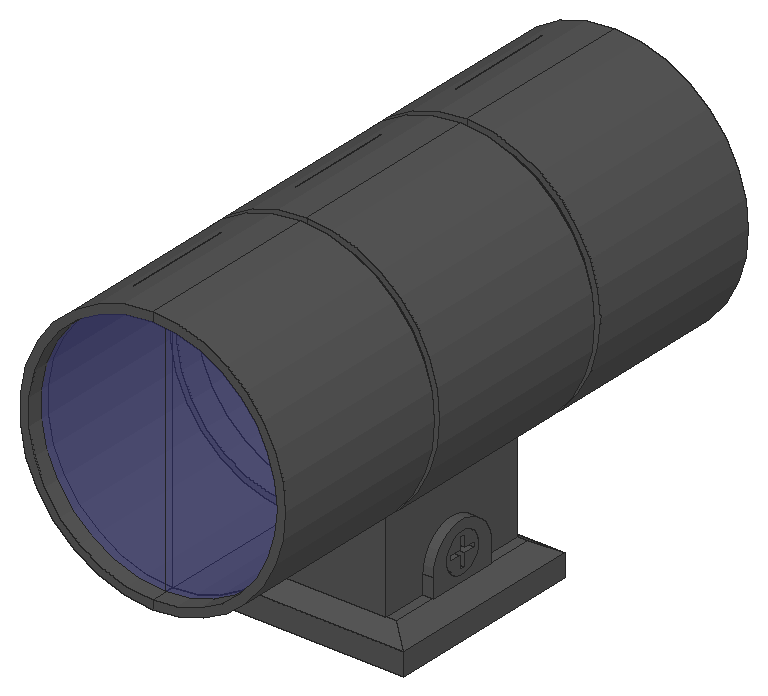
Revit family "CARLO CYLINDER LIGHT WALL MOUNT", category Lighting Fixtures, host Face, Revit 2020 (continued)
Types (10): name | Wattage_Input | Wattage Comments | Wattage | Photometric Web File | built-in parameter 1150142 | Model | built-in parameter 1150105 | Lumens | Light Length 1 | LIGHT RADIUS | LIGHT PLACEMENT | LIGHT LENGTH | LIGHT DIA | built-in parameter 1150106 | FIXED END HEIGHT | Curve base Height | Base Curve | BEAMING ANGLE | Apparent Load
    07 3.9443 4.0879 \r\n 4.244 4.4254 4.6105 4.761 4.9401 5.1944 5.5358 6.0005 6.5624 7.2195 \r\n 7.9365 8.6166 9.4426 10.376 11.984 14.955 18.884 23.577 29.093 35.51 \r\n 42.578 50.134 57.984 65.973 73.826 81.06 88.156 95.62 102.9 109.75 \r\n 115.76 120.32 123.69 125.7 127.01 128.24 129.28 130.22 131.05 131.75 \r\n 132.44 133.24 134.09 134.95 135.84 136.82 137.84 138.83 139.88 141 \r\n 142.29 143.83 145.64 147.74 150.22 153.17 156.65 160.68 165.46 171.15 \r\n 177.92 185.96 195.37 205.92 218.9 236.17 255.79 275.58 298.07 325.55 \r\n 356.54 390.4 426.93 465.69 506.71 550.18 595.23 640.9 687.77 736.29 \r\n 785.96 836.71 887.67 938.35 987.61 1034.1 1078.1 1119.5 1157.8 1192.1 \r\n 1223.3 1251.5 1278.3 1305.5 1332.1 1358.5 1383.3 1405.4 1424.5 1440 \r\n 1452.3 \r\n1448.4 1441.2 1427 1409.4 1388.5 1364.1 1338 1312.2 1285.7 1258.6 \r\n 1229.7 1197.8 1163 1124.8 1083.9 1040.5 994.56 945.47 894.77 843.68 \r\n 792.59 742.12 692.76 645.4 599.52 554.77 511.62 470.35 431.08 393.78 \r\n 359.2 327.79 300.44 279.59 261.07 240.08 220.93 207.23 196.33 186.69 \r\n 178.52 171.5 165.58 160.69 156.57 152.88 149.73 147.14 144.99 143.18 \r\n 141.66 140.41 139.34 138.37 137.45 136.53 135.64 134.8 134 133.23 \r\n 132.49 131.8 131.13 130.48 129.73 128.71 127.53 126.43 124.77 121.99 \r\n 118.01 112.27 105.53 98.262 90.772 83.709 76.495 68.559 60.528 52.871 \r\n 45.491 38.333 31.735 26.078 21.179 16.863 13.492 11.594 10.491 9.7259 \r\n 9.1698 8.5133 7.8413 7.1164 6.3953 5.6854 5.0961 4.7952 4.6147 4.4377 \r\n 4.2793 4.1114 3.9468 3.7901 3.6375 3.4855 3.3383 3.1991 3.0683 2.9569 \r\n 2.8363 2.6678 2.4923 2.3433 2.2052 2.0807 1.948 1.7692 1.5959 1.4856 \r\n 1.3836 1.2439 1.0987 0.96393 0.84185 0.74634 0.65808 0.55364 0.45918 0.39971 \r\n 0.35526 0.31252 0.27646 0.24811 0.22596 0.2091 0.19682 0.19008 0.18293 0.16958 \r\n 0.15612 0.14781 0.1413 0.13515 0.12882 0.1204 0.11254 0.10851 0.10442 0.096431 \r\n 0.087704 0.080167 0.073665 0.06911 0.065236 0.061468 0.056648 0.049123 0.039798 0.027754 \r\n 0.016814 0.011915 0.0087901 0.0038936 0 0 0 0 0 0 \r\n 0 0 0 0 0 0 0 0 0 0 \r\n 0 0 0 0 0 0 0 0 0.000027 0.0012429 \r\n 0.0029383 0.0048697 0.0067987 0.0081732 0.0096914 0.011784 0.014702 0.019277 0.024194 0.02754 \r\n 0.031941 0.040123 0.049873 0.060579 0.070157 0.075264 0.079055 0.083453 0.088799 0.096846 \r\n 0.10528 0.11201 0.11815 0.12389 0.12987 0.13718 0.14474 0.15151 0.15851 0.16616 \r\n 0.17524 0.18812 0.20044 0.20689 0.21452 0.22956 0.24913 0.27116 0.29936 0.33802 \r\n 0.3834 0.42871 0.48734 0.57724 0.67791 0.76939 0.868 0.9854 1.1157 1.2636 \r\n 1.4086 1.5185 1.6339 1.8005 1.9722 2.1093 2.2385 2.3707 2.5135 2.6919 \r\n 2.8654 2.9888 3.1017 3.232 3.3693 3.5146 3.6612 3.7994 3.939 4.0864 \r\n 4.2428 4.4142 4.5924 4.746 4.9513 5.2861 5.7146 6.2359 6.8231 7.4491 \r\n 8.1135 8.7346 9.5292 10.503 12.208 15.368 19.469 24.176 29.678 36.165 \r\n 43.3 50.844 58.694 66.813 74.774 81.913 88.893 96.366 103.69 110.62 \r\n 116.63 120.96 124.07 125.94 127.17 128.44 129.52 130.4 131.15 131.83 \r\n 132.51 133.29 134.11 134.95 135.83 136.77 137.75 138.73 139.77 140.87 \r\n 142.14 143.67 145.48 147.59 150.11 153.14 156.71 160.78 165.62 171.44 \r\n 178.34 186.4 195.88 206.6 219.93 238.04 258.28 277.52 299.33 326.86 \r\n 358.14 392.33 429.16 468.1 509.21 552.66 597.67 643.27 690.17 739.05 \r\n 789.11 840.01 891.03 941.72 990.88 1037 1080.6 1121.8 1160 1194.4 \r\n 1225.8 1254.4 1281.4 1308.1 1334.4 1360.8 1385.6 1407.2 1425.7 1440.6 \r\n 1452.3 \r\n1448.4 1441.2 1426.8 1408.9 1387.9 1363.1 1336.7 1310.9 1284.4 1257.3 \r\n 1228.5 1196.8 1162.3 1124.2 1083.1 1039.9 994.03 944.96 894.28 843.23 \r\n 792.19 741.78 692.54 645.52 599.92 554.97 511.56 470.36 431.24 394.1 \r\n 359.61 328.08 300.53 279.4 260.7 239.91 221.02 207.33 196.38 186.82 \r\n 178.71 171.7 165.76 160.88 156.76 153.11 150 147.44 145.31 143.5 \r\n 141.98 140.73 139.64 138.62 137.66 136.71 135.8 134.94 134.12 133.32 \r\n 132.57 131.89 131.22 130.54 129.73 128.63 127.35 126.19 124.46 121.6 \r\n 117.49 111.54 104.6 97.267 89.794 82.893 75.814 67.782 59.583 51.772 \r\n 44.271 37.079 30.514 24.982 20.219 15.952 12.619 10.814 9.7901 9.0202 \r\n 8.4486 7.8208 7.2063 6.5722 5.971 5.4295 4.9919 4.7497 4.5878 4.414 \r\n 4.2515 4.0926 3.9391 3.7917 3.6465 3.4972 3.351 3.2129 3.0829 2.9731 \r\n 2.8532 2.6826 2.5052 2.3574 2.221 2.0961 1.9634 1.7873 1.6162 1.504 \r\n 1.3991 1.2575 1.111 0.97669 0.85531 0.75954 0.67088 0.56639 0.47196 0.41274 \r\n 0.36792 0.32278 0.28416 0.25496 0.23224 0.21377 0.20027 0.19433 0.18798 0.17426 \r\n 0.16006 0.15108 0.14408 0.13805 0.13201 0.1238 0.11608 0.11203 0.10797 0.10046 \r\n 0.091983 0.083511 0.076036 0.071542 0.068022 0.064701 0.059878 0.050594 0.039841 0.02914 \r\n 0.019941 0.015188 0.011926 0.0076892 0.0039591 0.0014816 0 0 0 0 \r\n 0 0 0 0 0 0 0 0 0 0 \r\n 0 0 0 0 0 0 0 0 0 0 \r\n 0 0 0 0 0 0.0014816 0.0039591 0.0076892 0.011926 0.015188 \r\n 0.019941 0.02914 0.039841 0.050594 0.059878 0.064701 0.068022 0.071542 0.076036 0.083511 \r\n 0.091983 0.10046 0.10797 0.11203 0.11608 0.1238 0.13201 0.13805 0.14408 0.15108 \r\n 0.16006 0.17426 0.18798 0.19433 0.20027 0.21377 0.23224 0.25496 0.28416 0.32278 \r\n 0.36792 0.41274 0.47196 0.56639 0.67088 0.75954 0.85531 0.97669 1.111 1.2575 \r\n 1.3991 1.504 1.6162 1.7873 1.9634 2.0961 2.221 2.3574 2.5052 2.6826 \r\n 2.8532 2.9731 3.0829 3.2129 3.351 3.4972 3.6465 3.7917 3.9391 4.0926 \r\n 4.2515 4.414 4.5878 4.7497 4.9919 5.4295 5.971 6.5722 7.2063 7.8208 \r\n 8.4486 9.0202 9.7901 10.814 12.619 15.952 20.219 24.982 30.514 37.079 \r\n 44.271 51.772 59.583 67.782 75.814 82.893 89.794 97.267 104.6 111.54 \r\n 117.49 121.6 124.46 126.19 127.35 128.63 129.73 130.54 131.22 131.89 \r\n 132.57 133.32 134.12 134.94 135.8 136.71 137.66 138.62 139.64 140.73 \r\n 141.98 143.5 145.31 147.44 150 153.11 156.76 160.88 165.76 171.7 \r\n 178.71 186.82 196.38 207.33 221.02 239.91 260.7 279.4 300.53 328.08 \r\n 359.61 394.1 431.24 470.36 511.56 554.97 599.92 645.52 692.54 741.78 \r\n 792.19 843.23 894.28 944.96 994.03 1039.9 1083.1 1124.2 1162.3 1196.8 \r\n 1228.5 1257.3 1284.4 1310.9 1336.7 1363.1 1387.9 1408.9 1426.8 1441.2 \r\n 1452.3 \r\n1448.4 1440.6 1425.7 1407.2 1385.6 1360.8 1334.4 1308.1 1281.4 1254.4 \r\n 1225.8 1194.4 1160 1121.8 1080.6 1037 990.88 941.72 891.03 840.01 \r\n 789.11 739.05 690.17 643.27 597.67 552.66 509.21 468.1 429.16 392.33 \r\n 358.14 326.86 299.33 277.52 258.28 238.04 219.93 206.6 195.88 186.4 \r\n 178.34 171.44 165.62 160.78 156.71 153.14 150.11 147.59 145.48 143.67 \r\n 142.14 140.87 139.77 138.73 137.75 136.77 135.83 134.95 134.11 133.29 \r\n 132.51 131.83 131.15 130.4 129.52 128.44 127.17 125.94 124.07 120.96 \r\n 116.63 110.62 103.69 96.366 88.893 81.913 74.774 66.813 58.694 50.844 \r\n 43.3 36.165 29.678 24.176 19.469 15.368 12.208 10.503 9.5292 8.7346 \r\n 8.1135 7.4491 6.8231 6.2359 5.7145 5.2861 4.9513 4.746 4.5924 4.4142 \r\n 4.2428 4.0864 3.939 3.7994 3.6612 3.5146 3.3693 3.232 3.1017 2.9888 \r\n 2.8654 2.6919 2.5135 2.3707 2.2385 2.1093 1.9722 1.8005 1.6339 1.5185 \r\n 1.4086 1.2636 1.1157 0.9854 0.868 0.76939 0.67791 0.57724 0.48734 0.42871 \r\n 0.3834 0.33802 0.29936 0.27116 0.24913 0.22956 0.21452 0.20689 0.20044 0.18812 \r\n 0.17524 0.16616 0.15851 0.15151 0.14474 0.13718 0.12987 0.12389 0.11815 0.11201 \r\n 0.10528 0.096846 0.088799 0.083453 0.079055 0.075264 0.070157 0.060579 0.049873 0.040123 \r\n 0.031941 0.02754 0.024194 0.019277 0.014702 0.011784 0.0096914 0.0081732 0.0067987 0.0048697 \r\n 0.0029383 0.0012429 0.000027 0 0 0 0 0 0 0 \r\n 0 0 0 0 0 0 0 0 0 0 \r\n 0 0 0 0 0 0 0 0.0038936 0.0087901 0.011915 \r\n 0.016814 0.027754 0.039798 0.049123 0.056648 0.061468 0.065236 0.06911 0.073665 0.080166 \r\n 0.087704 0.096431 0.10442 0.10851 0.11254 0.1204 0.12882 0.13515 0.1413 0.14781 \r\n 0.15612 0.16958 0.18293 0.19008 0.19682 0.2091 0.22596 0.24811 0.27646 0.31252 \r\n 0.35526 0.39971 0.45918 0.55364 0.65808 0.74634 0.84185 0.96393 1.0987 1.2439 \r\n 1.3836 1.4856 1.5959 1.7692 1.948 2.0807 2.2052 2.3433 2.4923 2.6678 \r\n 2.8363 2.9569 3.0683 3.1991 3.3383 3.4855 3.6375 3.7901 3.9468 4.1114 \r\n 4.2793 4.4377 4.6147 4.7952 5.0961 5.6854 6.3953 7.1164 7.8413 8.5133 \r\n 9.1698 9.7259 10.491 11.594 13.492 16.863 21.179 26.078 31.735 38.333 \r\n 45.491 52.871 60.528 68.559 76.495 83.709 90.772 98.262 105.53 112.27 \r\n 118.01 121.99 124.77 126.43 127.53 128.71 129.73 130.48 131.13 131.8 \r\n 132.49 133.23 134 134.8 135.64 136.53 137.45 138.37 139.34 140.41 \r\n 141.66 143.18 144.99 147.14 149.73 152.88 156.57 160.69 165.58 171.5 \r\n 178.52 186.69 196.33 207.23 220.93 240.08 261.07 279.59 300.44 327.79 \r\n 359.2 393.78 431.08 470.35 511.62 554.77 599.52 645.4 692.76 742.12 \r\n 792.59 843.68 894.77 945.47 994.56 1040.5 1083.9 1124.8 1163 1197.8 \r\n 1229.7 1258.6 1285.7 1312.2 1338 1364.1 1388.5 1409.4 1427 1441.2 \r\n 1452.3 \r\n1448.4 1440 1424.5 1405.4 1383.3 1358.5 1332.1 1305.5 1278.3 1251.5 \r\n 1223.3 1192.1 1157.8 1119.5 1078.1 1034.1 987.61 938.35 887.67 836.71 \r\n 785.96 736.29 687.77 640.9 595.23 550.18 506.71 465.69 426.93 390.4 \r\n 356.54 325.55 298.07 275.58 255.79 236.17 218.9 205.92 195.37 185.96 \r\n 177.92 171.15 165.46 160.68 156.65 153.17 150.22 147.74 145.64 143.83 \r\n 142.29 141 139.88 138.83 137.84 136.82 135.84 134.95 134.09 133.24 \r\n 132.44 131.75 131.05 130.22 129.28 128.24 127.01 125.7 123.69 120.32 \r\n 115.76 109.75 102.9 95.62 88.156 81.06 73.826 65.973 57.984 50.134 \r\n 42.577 35.51 29.093 23.577 18.884 14.955 11.984 10.376 9.4426 8.6166 \r\n 7.9365 7.2195 6.5624 6.0005 5.5358 5.1944 4.9401 4.761 4.6105 4.4254 \r\n 4.244 4.0879 3.9443 3.8107 3.6784 3.5339 3.3892 3.2527 3.1218 3.005 \r\n 2.8772 2.7009 2.522 2.3844 2.2566 2.1225 1.9803 1.8129 1.6509 1.5321 \r\n 1.4173 1.2687 1.1194 0.99369 0.88063 0.77868 0.6839 0.58739 0.50247 0.44435 \r\n 0.39853 0.35354 0.31552 0.28855 0.26733 0.24685 0.23032 0.22108 0.21375 0.2032 \r\n 0.19205 0.18292 0.17453 0.16642 0.15877 0.15188 0.14499 0.13685 0.12924 0.12448 \r\n 0.1196 0.1114 0.10293 0.096622 0.091168 0.086735 0.081307 0.071857 0.061578 0.052573 \r\n 0.045088 0.040987 0.037517 0.031694 0.026065 0.022712 0.020044 0.017175 0.014061 0.010071 \r\n 0.0060769 0.0025706 0.000055 0 0 0 0 0 0 0 \r\n 0 0 0 0 0 0 0 0 0 0 \r\n 0 0 0 0 0 0 0 0.003581 0.0081668 0.011064 \r\n 0.016205 0.028945 0.042321 0.049928 0.055438 0.060344 0.064769 0.069233 0.074031 0.079551 \r\n 0.086031 0.094702 0.10298 0.10743 0.11182 0.11976 0.12825 0.13507 0.14156 0.14771 \r\n 0.15532 0.16767 0.18028 0.18831 0.19614 0.20747 0.22289 0.24431 0.27151 0.30458 \r\n 0.34455 0.38872 0.44839 0.54186 0.64544 0.73408 0.8301 0.95202 1.0862 1.2304 \r\n 1.3687 1.4684 1.5773 1.7519 1.9328 2.0664 2.1916 2.3308 2.48 2.6531 \r\n 2.8197 2.9423 3.0565 3.1883 3.3283 3.4762 3.631 3.7912 3.9579 4.1345 \r\n 4.3126 4.4689 4.6514 4.8524 5.2153 5.9625 6.8496 7.7028 8.5327 9.279 \r\n 9.9807 10.536 11.307 12.492 14.478 17.866 22.215 27.273 33.08 39.703 \r\n 46.809 54.055 61.538 69.36 77.169 84.54 91.79 99.285 106.45 112.95 \r\n 118.43 122.31 125.03 126.64 127.68 128.76 129.66 130.36 130.98 131.67 \r\n 132.38 133.11 133.87 134.65 135.46 136.34 137.24 138.11 139.04 140.1 \r\n 141.35 142.86 144.69 146.86 149.48 152.65 156.35 160.48 165.36 171.25 \r\n 178.25 186.49 196.19 207.05 220.7 239.94 261.01 279.45 300.14 327.27 \r\n 358.5 393.12 430.53 469.93 511.26 554.16 598.71 644.92 692.69 742.14 \r\n 792.62 843.73 894.83 945.53 994.65 1040.8 1084.3 1125.3 1163.5 1198.7 \r\n 1230.9 1259.8 1286.9 1313.4 1339.2 1364.9 1388.9 1409.6 1427.1 1441 \r\n 1452.3 \r\n1448.4 1439.3 1423.5 1403.8 1381.1 1356.4 1330.1 1303.1 1275.7 1249.1 \r\n 1221.1 1190.2 1156 1117.6 1076 1031.6 984.68 935.32 884.69 833.81 \r\n 783.23 733.95 685.76 638.84 593.03 547.94 504.49 463.55 424.94 388.68 \r\n 355.1 324.39 296.98 273.89 253.64 234.67 218.21 205.45 194.95 185.56 \r\n 177.56 170.9 165.33 160.61 156.62 153.22 150.35 147.89 145.8 143.99 \r\n 142.44 141.13 139.99 138.93 137.92 136.88 135.87 134.96 134.08 133.21 \r\n 132.38 131.68 130.95 130.05 129.05 128.06 126.87 125.5 123.36 119.74 \r\n 114.97 109.02 102.29 95.091 87.65 80.42 73.076 65.347 57.52 49.707 \r\n 42.167 35.166 28.796 23.221 18.497 14.728 11.943 10.422 9.5203 8.6596 \r\n 7.9167 7.1377 6.4353 5.8769 5.4433 5.1595 4.9598 4.7945 4.6414 4.4475 \r\n 4.2558 4.0978 3.9557 3.8257 3.6974 3.5542 3.4098 3.2739 3.1423 3.0212 \r\n 2.8888 2.7102 2.5311 2.3982 2.2742 2.1354 1.9884 1.8246 1.6663 1.5446 \r\n 1.4253 1.2734 1.1229 1.0015 0.89253 0.78716 0.68897 0.59627 0.516 0.4582 \r\n 0.41191 0.36783 0.33098 0.30523 0.28475 0.26364 0.24587 0.2348 0.22637 0.21774 \r\n 0.20855 0.19935 0.19015 0.18093 0.17242 0.16611 0.15957 0.14938 0.13994 0.13637 \r\n 0.13317 0.12533 0.11661 0.10938 0.10286 0.097728 0.091998 0.083026 0.073449 0.064911 \r\n 0.057746 0.053823 0.050177 0.043388 0.036677 0.032917 0.029735 0.025604 0.02086 0.014941 \r\n 0.0090151 0.0038135 0.000082 0 0 0 0 0 0 0 \r\n 0 0 0 0 0 0 0 0 0 0 \r\n 0 0 0 0 0 0 0 0.0043939 0.0097947 0.012626 \r\n 0.01785 0.032247 0.046795 0.052597 0.056067 0.061146 0.066358 0.071539 0.076695 0.081339 \r\n 0.086788 0.095177 0.10356 0.10859 0.11357 0.1215 0.12997 0.13738 0.14434 0.15025 \r\n 0.15721 0.16831 0.18002 0.18888 0.19783 0.20855 0.22287 0.24353 0.26946 0.29948 \r\n 0.33666 0.38066 0.44047 0.53217 0.63426 0.72396 0.82116 0.94217 1.0749 1.2183 \r\n 1.3558 1.4541 1.5619 1.737 1.919 2.0544 2.1812 2.3206 2.4692 2.6395 \r\n 2.8044 2.9301 3.0481 3.1806 3.321 3.4693 3.6265 3.7942 3.9708 4.1591 \r\n 4.3475 4.5038 4.6933 4.9141 5.3365 6.2352 7.2948 8.2836 9.2258 10.055 \r\n 10.812 11.38 12.167 13.432 15.498 18.892 23.269 28.495 34.46 41.097 \r\n 48.138 55.254 62.568 70.169 77.836 85.36 92.79 100.27 107.31 113.54 \r\n 118.76 122.54 125.22 126.79 127.78 128.74 129.54 130.19 130.8 131.5 \r\n 132.23 132.96 133.71 134.48 135.28 136.14 137.03 137.86 138.76 139.81 \r\n 141.06 142.58 144.43 146.62 149.26 152.44 156.15 160.28 165.15 170.98 \r\n 177.95 186.25 196 206.82 220.4 239.57 260.58 279.04 299.71 326.63 \r\n 357.66 392.27 429.74 469.26 510.64 553.3 597.69 644.26 692.46 742 \r\n 792.46 843.58 894.66 945.31 994.46 1040.8 1084.6 1125.7 1164.1 1199.5 \r\n 1232 1261 1288.1 1314.7 1340.4 1365.7 1389.2 1409.7 1427 1440.7 \r\n 1452.3 \r\n1448.4 1438.9 1422.8 1402.5 1379.4 1354.7 1328.6 1301.4 1273.7 1247.4 \r\n 1219.7 1189 1155.1 1116.6 1074.7 1029.8 982.56 933.14 882.59 831.81 \r\n 781.42 732.47 684.54 637.49 591.48 546.37 502.96 462.06 423.55 387.49 \r\n 354.13 323.64 296.31 272.8 252.25 233.89 218.11 205.36 194.71 185.31 \r\n 177.33 170.77 165.29 160.6 156.66 153.32 150.5 148.07 145.99 144.17 \r\n 142.6 141.28 140.12 139.05 138.03 136.97 135.94 135 134.1 133.21 \r\n 132.36 131.63 130.87 129.91 128.87 127.92 126.77 125.36 123.11 119.28 \r\n 114.34 108.5 101.94 94.843 87.441 80.082 72.628 65.024 57.367 49.628 \r\n 42.133 35.182 28.824 23.142 18.341 14.7 12.079 10.63 9.7521 8.857 \r\n 8.0528 7.2096 6.4529 5.8762 5.4454 5.1863 5.0122 4.8465 4.6843 4.4801 \r\n 4.2788 4.1169 3.9736 3.8445 3.7177 3.5747 3.4302 3.2945 3.162 3.0371 \r\n 2.9007 2.7204 2.5413 2.4117 2.2903 2.1478 1.9969 1.8353 1.6795 1.5554 \r\n 1.4326 1.2782 1.1266 1.0088 0.90302 0.79456 0.69321 0.60331 0.52657 0.46881 \r\n 0.42212 0.37936 0.34406 0.3193 0.2993 0.27794 0.25935 0.24641 0.23672 0.22999 \r\n 0.22279 0.21342 0.20338 0.19324 0.184 0.1781 0.17177 0.1599 0.14898 0.14619 \r\n 0.14423 0.13681 0.12804 0.12006 0.11263 0.10686 0.1009 0.092687 0.083978 0.075561 \r\n 0.06828 0.064341 0.060454 0.052806 0.045171 0.041051 0.037444 0.032305 0.026268 0.018815 \r\n 0.011352 0.0048021 0.00010335 0 0 0 0 0 0 0 \r\n 0 0 0 0 0 0 0 0 0 0 \r\n 0 0 0 0 0 0 0 0.0062011 0.013412 0.016342 \r\n 0.021487 0.037192 0.052607 0.056713 0.058353 0.063688 0.069739 0.075654 0.081219 0.085207 \r\n 0.089794 0.097753 0.10606 0.11176 0.11745 0.12528 0.13362 0.14162 0.14912 0.15491 \r\n 0.16136 0.17131 0.18216 0.19169 0.20159 0.21208 0.22572 0.2457 0.27042 0.29776 \r\n 0.33249 0.37643 0.43631 0.52568 0.62586 0.71721 0.81613 0.93558 1.0663 1.2092 \r\n 1.3464 1.4442 1.5515 1.7259 1.908 2.0457 2.1747 2.3137 2.4606 2.628 \r\n 2.7912 2.921 3.0435 3.1765 3.3164 3.4645 3.6236 3.7984 3.9843 4.1827 \r\n 4.3805 4.5386 4.7359 4.9733 5.4468 6.4777 7.6916 8.8109 9.8657 10.777 \r\n 11.593 12.189 13.003 14.338 16.473 19.877 24.284 29.672 35.784 42.421 \r\n 49.393 56.398 63.568 70.97 78.501 86.145 93.714 101.15 108.05 114.01 \r\n 118.98 122.67 125.31 126.86 127.8 128.66 129.37 129.98 130.59 131.31 \r\n 132.06 132.8 133.54 134.31 135.11 135.97 136.84 137.65 138.53 139.5
